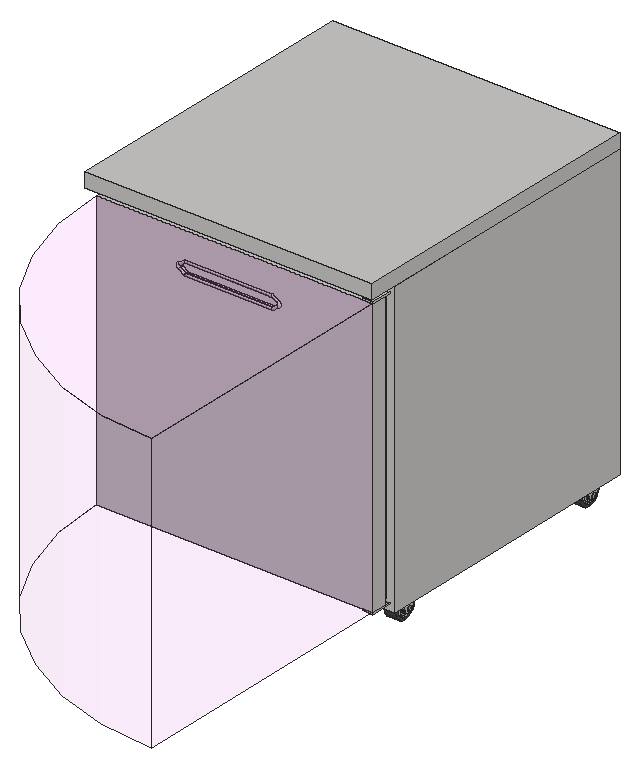
Revit family "QF_Kelvinator_738329_KCHUC27R-32", category Specialty Equipment, Revit 2021
Family settings
  Round Connector Dimension = Use Diameter
  Part Type = Normal
  Work Plane-Based = No
  Always vertical = Yes
  Cut with Voids When Loaded = No
  Shared = No
  Room Calculation Point = No
Parameters
  Weight in Pounds = 121.254
  Weight = 55.00 lbm
  Watts = 0 W
  Volts = 115 V
  URL Manufacturer = "KELVINATOR"
  URL Cutsheet = ""
  URL = "KELVINATOR"
  Specification by User = ""
  Specification by Manufacturer = ""
  Show Right Door [instance] = not(Show Left Door)  # yes
  Show Left Door [instance] = no
  Show Clearance [instance] = yes
  Serial Number = ""
  Seismic Rating = ""
  SMACNA No = ""
  Revision Code = ""
  Refrigerant Type = "R600a"
  Phase = 1
  Number of Poles = 1
  NAFEM Spec ID Number = ""
  Model = "KCHUC27R-32"
  Min Ckt Ampacity = 0 A
  Max Overcurrent Protection = 0 A
  Masterspec = ""
  Manufacturer = "Kelvinator"
  Length Actual = 705"
  Length = 27 3/4"
  Item Number = "738329"
  Installed By = ""
  Identify Quantity as Lot = yes
  Height Actual = 815"
  Height = 32 1/16"
  HP = "0.2 HP"
  Gas KW = 0
  Furnished By = ""
  Foodservice Equipment Identifier = yes
  FL Amps = 1.5 A
  Electrical Remarks = ""
  Electric Connection Type = ""
  Elec Conn RI Height = 0"
  Elec Conn Connection Height = 0"
  Description = "1-DOOR UNDER COUNTER REFRIGERATOR 27\" LONG 32\" TALL"
  Depth Actual = 760"
  Depth = 29 15/16"
  Default Elevation = 0"
  Cycle = 60 Hz
  Conn Plug = "5-15P"
  Conn Conduit = yes
  CSI MasterFormat = ""
  Apparent Power = 0 VA
  Accessory = no
Reference planes (in)
  plane 1 "BACK": y = 0
  plane 2: z = 0
  plane 3 "LEFT": x = 0
  plane 4 "RIGHT": x = 27.756
  plane 5 "FRONT": y = -29.9375
  plane 6 "TOP": z = 32.0625
  plane 7 "Center Y": x = 13.878
  plane 8 "Center X": y = -14.96875
  plane 9: x = 27.75
  plane 10: y = -29.9375
  plane 11: z = 32.0625
Dimensions and locks (in)
  equal spacing: plane 3 "LEFT", plane 7 "Center Y", plane 4 "RIGHT"
  plane 3 "LEFT" to plane 4 "RIGHT" = 27.756"
  equal spacing: plane 5 "FRONT", plane 8 "Center X", plane 1 "BACK"
  "Depth": plane 5 "FRONT" to plane 1 "BACK"
  "Height": plane 6 "TOP" to level
  plane 3 "LEFT" to plane 9 = 27 3/4"
  plane 1 "BACK" to plane 10 = 29 15/16"
  plane 11 to level = 32 1/16"
  aligned and locked: level to plane 2
Nested families (in)
  nested 1: "KCHST.0001" at (-0.006, -0.0165, -0.0245), Show Clearance <- "Show Clearance", Show Left Door <- "Show Left Door", Show Right Door <- "Show Right Door", type "KCHST.0001"
    with Show Right Door yes, Show Left Door no, Show Clearance yes
Definition of nested family "KCHST.0001"
  Parameters (values of type "KCHST.0001")
    Weight in Pounds = 0
    URL Cutsheet = ""
    Specification by User = ""
    Specification by Manufacturer = ""
    Show Right Door [instance] = yes
    Show Left Door [instance] = yes
    Show Clearance [instance] = yes
    Serial Number = ""
    Seismic Rating = ""
    SMACNA No = ""
    Revision Code = ""
    NAFEM Spec ID Number = ""
    Masterspec = ""
    Length = 27.756"
    Item Number = ""
    Installed By = ""
    Identify Quantity as Lot = yes
    Height = 32.087"
    Furnished By = ""
    Foodservice Equipment Identifier = yes
    Depth = 29.921"
    Default Elevation = 0"
    CSI MasterFormat = ""
  Reference planes (in)
    plane 1 "BACK": y = 0
    plane 2: z = 0
    plane 3 "LEFT": x = 0
    plane 4 "RIGHT": x = 27.756
    plane 5 "FRONT": y = -29.921
    plane 6 "TOP": z = 32.087
    plane 7 "Center Y": x = 13.878
    plane 8 "Center X": y = -14.9605
    plane 9: z = 2.4
    plane 10: y = -56
    plane 11: x = 25.756
    plane 12: x = 2
    plane 13: x = 27.256
    plane 14: x = 0.5
    plane 15: z = 30.7
    plane 16: z = 3.1
    plane 17: y = -27.2
    plane 18: y = -2.3
  Forms (in)
    Extrusion 1, solid
      sketch origin (0, 0, 0) x (0, 1, 0) y (0, 0, 1)
        loop
          line (-27.2, 30.7) -> (-27.2, 2.4) -> (0, 2.4) -> (0, 30.7) -> (-27.2, 30.7)
      from 0 to 27.756
    Extrusion 2, solid
      sketch origin (0, 0, -1.8375) x (0, 1, 0) y (0, 0, 1)
        loop
          line (-29.921, 32.5375) -> (0, 32.5375) -> (0, 33.9245) -> (-29.921, 33.9245) -> (-29.921, 32.5375)
      from 0 to 27.756
    Extrusion 3, solid
      sketch origin (13.878, 6.90541, 45.5) x (0, 1, 0) y (0, 0, 1)
        loop
          line (-36.08891, -15.6) -> (-36.08891, -42.4) -> (-34.65211, -42.4) -> (-34.65211, -15.6) -> (-36.08891, -15.6)
      from 13.378 to -13.378
    Extrusion 4, solid
      sketch origin (0, 0.3, -2.5) x (0, 1, 0) y (0, 0, 1)
        loop
          line (-28.04671, 32.20449) -> (-28.04671, 5.82022) -> (-27.79671, 5.82022) -> (-27.79671, 32.20449) -> (-28.04671, 32.20449)
      from 0.74536 to 26.90213
    Extrusion 5, solid
      sketch origin (0, 0.55, -2.5) x (0, 1, 0) y (0, 0, 1)
        loop
          line (-28.04671, 32.20449) -> (-28.04671, 5.82022) -> (-27.864, 5.82022) -> (-27.864, 32.20449) -> (-28.04671, 32.20449)
      from 0.74536 to 26.90213
    Extrusion 6, solid
      sketch origin (0, 0.7327, -2.5) x (0, 1, 0) y (0, 0, 1)
        loop
          line (-28.04671, 32.20449) -> (-28.04671, 5.82022) -> (-27.9327, 5.82022) -> (-27.9327, 32.20449) -> (-28.04671, 32.20449)
      from 0.74536 to 26.90213
    Extrusion 7, void
      sketch origin (-15.80943, -29.19996, 29.0181) x (0, 0, 1) y (1, 0, 0)
        loop
          line (-1.94791, 24.94368) -> (-1.94791, 33.29368) -> (-2.28604, 33.83468)
          arc (-2.28604, 33.83468) -> (-2.38541, 33.88976) -> (-2.48479, 33.83468) r 0.11719
          line (-2.48479, 33.83468) -> (-2.82291, 33.29368) -> (-2.82291, 24.94368) -> (-2.48621, 24.40496)
          arc (-2.48621, 24.40496) -> (-2.38541, 24.34909) -> (-2.28462, 24.40496) r 0.11887
          line (-2.28462, 24.40496) -> (-1.94791, 24.94368)
      from 0 to 0.31887
    Sweep 8, solid
      path origin (-15.80943, -26.39996, 29.0181) x (0, 0, -1) y (1, 0, 0)
        loop
          line (2.82291, 33.29368) -> (2.48479, 33.83468)
          arc (2.48479, 33.83468) -> (2.38541, 33.88976) -> (2.28604, 33.83468) r 0.11719
          line (2.28604, 33.83468) -> (1.94791, 33.29368) -> (1.94791, 24.94368) -> (2.28462, 24.40496)
          arc (2.28462, 24.40496) -> (2.38541, 24.34909) -> (2.48621, 24.40496) r 0.11887
          line (2.48621, 24.40496) -> (2.82291, 24.94368) -> (2.82291, 33.29368)
      profile origin (13.30925, -26.39996, 26.19519) x (0, 0, -1) y (0, -1, 0)
        loop
          line (0, 2.8) -> (0.25, 2.8)
          arc (0.25, 2.8) -> (0.125, 2.85269) -> (0, 2.8) r 0.17461
    Extrusion 9, solid
      sketch origin (0.56875, 0, 2.4) x (-1, 0, 0) y (0, 1, 0)
        loop
          circle (-13.28725, -0.87772) r 0.25
      from 0 to 0.78119
    Extrusion 10, solid, visible <- "Show Right Door"
      sketch origin (13.878, -29.1835, 29.9) x (0, 1, 0) y (-1, 0, 0)
        loop
          line (0, -13.378) -> (0, 13.378)
          arc (0, 13.378) -> (-18.91935, 5.54135) -> (-26.756, -13.378) r 26.756
          line (-26.756, -13.378) -> (0, -13.378)
      from 0 to -26.8
    Extrusion 11, solid, visible <- "Show Right Door"
      sketch origin (13.878, -27.74671, 3.1) x (-1, 0, 0) y (0, 1, 0)
        loop
          line (-12.378, -1.43679) -> (-11.628, 0.54671) -> (-13.378, 0.54671) -> (-13.378, -1.43679) -> (-12.378, -1.43679)
      from 0 to 0.13
    Extrusion 12, solid, visible <- "Show Right Door"
      sketch origin (13.878, -29.1835, 29.9) x (0, 1, 0) y (-1, 0, 0)
        loop
          line (0, -12.378) -> (0, -13.378) -> (1.9835, -13.378) -> (1.9835, -11.628) -> (0, -12.378)
      from 0 to 0.13
    Extrusion 13, solid, visible <- "Show Left Door"
      sketch origin (13.878, -29.1835, 29.9) x (0, 1, 0) y (-1, 0, 0)
        loop
          line (0, 13.378) -> (-26.756, 13.378)
          arc (-26.756, 13.378) -> (-18.91935, -5.54135) -> (0, -13.378) r 26.756
          line (0, -13.378) -> (0, 13.378)
      from 0 to -26.8
    Extrusion 14, solid, visible <- "Show Left Door"
      sketch origin (13.878, -27.74671, 3.1) x (-1, 0, 0) y (0, 1, 0)
        loop
          line (12.378, -1.43679) -> (13.378, -1.43679) -> (13.378, 0.54671) -> (11.628, 0.54671) -> (12.378, -1.43679)
      from 0 to 0.13
    Extrusion 15, solid, visible <- "Show Left Door"
      sketch origin (13.878, -29.1835, 29.9) x (0, 1, 0) y (-1, 0, 0)
        loop
          line (0, 12.378) -> (1.9835, 11.628) -> (1.9835, 13.378) -> (0, 13.378) -> (0, 12.378)
      from 0 to 0.13
  Cuts and joins
    Extrusion 7 cuts Extrusion 3
  Lines and regions (in)
    symbolic lines
      curve 1: line (27.756, -29.921, 0) -> (27.756, 0, 0)
      curve 2: line (27.756, 0, 0) -> (0, 0, 0)
      curve 3: line (0, 0, 0) -> (0, -29.921, 0)
      curve 4: line (0, -29.921, 0) -> (27.756, -29.921, 0)
    symbolic lines, visible <- "Show Clearance"
      curve 5: arc (0.49512, -29.921, 0) -> (1.58895, -36.79212, 0) -> (4.41646, -43.14932, 0) r 26.77104
      curve 6: line (4.41646, -43.14932, 0) -> (27.256, -29.921, 0)
    symbolic lines, visible <- "Show Left Door"
      curve 7: arc (27.26088, -29.921, 0) -> (26.16705, -36.79212, 0) -> (23.33954, -43.14932, 0) r 26.77104
      curve 8: line (23.33954, -43.14932, 0) -> (0.5, -29.921, 0)
  Dimensions and locks (in)
    equal spacing: plane 3 "LEFT", plane 7 "Center Y", plane 4 "RIGHT"
    "Length": plane 3 "LEFT" to plane 4 "RIGHT"
    equal spacing: plane 5 "FRONT", plane 8 "Center X", plane 1 "BACK"
    "Depth": plane 5 "FRONT" to plane 1 "BACK"
    "Height": plane 6 "TOP" to level
    plane 10 to plane 1 "BACK" = 56"
    locked: plane 4 "RIGHT" to plane 11 at 2
    locked: plane 3 "LEFT" to plane 12 at 2
    locked: plane 14 to plane 3 "LEFT" at 0.5
    locked: plane 13 to plane 4 "RIGHT" at 0.5
    plane 3 "LEFT" to plane 4 "RIGHT" = 27.756"
    plane 15 to plane 9 = 28.3"
    level to plane 9 = 2.4"
    cut or joined group of Extrusion 3, Extrusion 7 to plane 16 = 26.8"
    plane 5 "FRONT" to plane 1 "BACK" = 29.921"
    plane 17 to plane 18 = 24.9"
    plane 18 to plane 1 "BACK" = 2.3"
    aligned and locked: level to plane 2
    aligned and locked: nested 2 to plane 12
    aligned and locked: Extrusion 1 to plane 4 "RIGHT"
    aligned and locked: plane 4 "RIGHT" to Extrusion 1
    aligned and locked: Extrusion 2 to plane 4 "RIGHT"
    aligned and locked: plane 13 to cut or joined group of Extrusion 3, Extrusion 7
    aligned and locked: cut or joined group of Extrusion 3, Extrusion 7 to plane 14
    aligned and locked: plane 11 to nested 3
    aligned and locked: Extrusion 4 to Extrusion 6
    aligned and locked: Extrusion 4 to Extrusion 5
    aligned and locked: Extrusion 5 to Extrusion 6
    aligned and locked: Extrusion 3 to nested 1
  Automatic sketch dimensions
    plane 9 to Extrusion 1 sketch curve = 0"
    Extrusion 1 sketch curve to plane 17 = 0"
    Extrusion 1 sketch curve to plane 1 "BACK" = 0"
    Extrusion 1 sketch curve to plane 15 = 0"
    Extrusion 2 sketch curve to plane 5 "FRONT" = 0"
    Extrusion 2 sketch curve to plane 1 "BACK" = 0"
    Extrusion 2 sketch curve to plane 15 = 0"
    Extrusion 2 sketch curve to plane 6 "TOP" = 0"
    plane 1 "BACK" to curve 3 = 0"
    curve 3 to plane 3 "LEFT" = 0"
    curve 7 to plane 14 = 0"
    plane 5 "FRONT" to curve 8 = 0"
    curve 8 to plane 14 = 0"
    curve 6 to plane 13 = 0"
    curve 5 to plane 13 = 0"
    curve 2 to plane 4 "RIGHT" = 0"
    curve 6 to plane 12 = 2.41646"
    curve 8 to plane 11 = 2.41646"
    curve 6 to plane 10 = 12.85068"
    curve 8 to plane 10 = 12.85068"
    curve 8 to curve 7 = 0.7375"
    curve 6 to curve 5 = 0.7375"
    Extrusion 3 sketch curve to plane 16 = 0"
    Extrusion 3 sketch curve to plane 5 "FRONT" = 0.7375"
    plane 17 to Extrusion 3 sketch curve = 0.54671"
    Extrusion 3 sketch curve to plane 15 = 0.8"
    plane 16 to Extrusion 4 sketch curve = 0.22022"
    plane 17 to Extrusion 4 sketch curve = 0.54671"
    Extrusion 4 sketch curve to Extrusion 4 sketch curve = 1/4"
    Extrusion 4 sketch curve to plane 15 = 0.99551"
    plane 17 to Extrusion 5 sketch curve = 0.29671"
    plane 17 to Extrusion 5 sketch curve = 0.114"
    plane 16 to Extrusion 5 sketch curve = 0.22022"
    Extrusion 5 sketch curve to plane 15 = 0.99551"
    Extrusion 6 sketch curve to plane 17 = 0"
    plane 17 to Extrusion 6 sketch curve = 0.114"
    plane 16 to Extrusion 6 sketch curve = 0.22022"
    Extrusion 6 sketch curve to plane 15 = 0.99551"
    Extrusion 7 sketch curve to plane 15 = 4.50481"
    Extrusion 7 sketch curve to Extrusion 7 sketch curve = 0.3367"
    Extrusion 7 sketch curve to Extrusion 7 sketch curve = 0.33813"  (x2)
    Extrusion 7 sketch curve to Extrusion 7 sketch curve = 0.09937"  (x2)
    Extrusion 7 sketch curve to Extrusion 7 sketch curve = 0.1008"  (x2)
    Extrusion 7 sketch curve to plane 7 "Center Y" = 5.28247"
    Extrusion 7 sketch curve to Extrusion 7 sketch curve = 0.063"
    Extrusion 7 sketch curve to Extrusion 7 sketch curve = 0.53872"  (x2)
    plane 7 "Center Y" to Extrusion 7 sketch curve = 3.60625"
    Extrusion 7 sketch curve to Extrusion 7 sketch curve = 0"
    Extrusion 7 sketch curve to Extrusion 7 sketch curve = 0.47889"
    Extrusion 7 sketch curve to Extrusion 7 sketch curve = 0.06211"
    Sweep 8 sketch curve to plane 15 = 3.62981"
    Sweep 8 sketch curve to Sweep 8 sketch curve = 0.3367"
    Sweep 8 sketch curve to Sweep 8 sketch curve = 0.33813"  (x2)
    Sweep 8 sketch curve to Sweep 8 sketch curve = 0.09937"  (x2)
    Sweep 8 sketch curve to Sweep 8 sketch curve = 0.1008"  (x2)
    Sweep 8 sketch curve to plane 7 "Center Y" = 5.28247"
    Sweep 8 sketch curve to Sweep 8 sketch curve = 0.063"
    Sweep 8 sketch curve to Sweep 8 sketch curve = 0.53872"  (x2)
    plane 7 "Center Y" to Sweep 8 sketch curve = 3.60625"
    Sweep 8 sketch curve to Sweep 8 sketch curve = 0"
    Sweep 8 sketch curve to Sweep 8 sketch curve = 0.47889"
    Sweep 8 sketch curve to Sweep 8 sketch curve = 0.06211"
    Sweep 8 sketch curve to profile plane = 0"
    Sweep 8 sketch curve to profile plane = 1/8"
    profile plane to Sweep 8 sketch curve = 2.67809"
    Sweep 8 sketch curve to Sweep 8 sketch curve = 0.12191"
    Extrusion 1 to Extrusion 9 sketch curve = 0.87772"
    Extrusion 9 sketch curve to Extrusion 1 = 13.9"
    Extrusion 10 sketch curve to Extrusion 3 = 0"  (x2)
    Extrusion 3 to Extrusion 10 sketch curve = 0"
    Extrusion 11 sketch curve to Extrusion 3 = 0"
    Extrusion 3 to Extrusion 11 sketch curve = 0"
    Extrusion 11 sketch curve to Extrusion 11 sketch curve = 1"
    Extrusion 11 sketch curve to Extrusion 3 = 0.54671"
    Extrusion 11 sketch curve to Extrusion 3 = 1 3/4"
    Extrusion 12 sketch curve to Extrusion 3 = 0"
    Extrusion 3 to Extrusion 12 sketch curve = 0"
    Extrusion 3 to Extrusion 12 sketch curve = 0.54671"
    Extrusion 12 sketch curve to Extrusion 12 sketch curve = 1"
    Extrusion 3 to Extrusion 12 sketch curve = 1 3/4"
    Extrusion 13 sketch curve to Extrusion 3 = 0"  (x3)
    Extrusion 3 to Extrusion 14 sketch curve = 0"
    Extrusion 14 sketch curve to Extrusion 3 = 0"
    Extrusion 14 sketch curve to Extrusion 3 = 1"
    Extrusion 14 sketch curve to Extrusion 3 = 0.54671"
    Extrusion 14 sketch curve to Extrusion 3 = 1 3/4"
    Extrusion 15 sketch curve to Extrusion 3 = 0"  (x2)
    Extrusion 3 to Extrusion 15 sketch curve = 0.54671"
    Extrusion 3 to Extrusion 15 sketch curve = 1"
    Extrusion 3 to Extrusion 15 sketch curve = 1 3/4"
    radius of Extrusion 9 sketch curve = 1/4"
  Nested families (in)
    nested 1: "3 INCHES 01_CASTER" at (25.8, -24.75, 0), type "3 INCHES 01_CASTER"
      with Type Mark "", Specification by User "", Revision Code "", Item Number "", Installed By "", Identify Quantity as Lot yes, Furnished By "", Foodservice Equipment Identifier yes, 3 Inches Caster yes
    nested 2: "3 INCHES 01_CASTER" at (2, -24.75, 0), type "3 INCHES 01_CASTER"
      with Type Mark "", Specification by User "", Revision Code "", Item Number "", Installed By "", Identify Quantity as Lot yes, Furnished By "", Foodservice Equipment Identifier yes, 3 Inches Caster yes
    nested 3: "3 INCHES 01_CASTER" at (25.756, -2.375, 0), type "3 INCHES 01_CASTER"
      with Type Mark "", Specification by User "", Revision Code "", Item Number "", Installed By "", Identify Quantity as Lot yes, Furnished By "", Foodservice Equipment Identifier yes, 3 Inches Caster yes
    nested 4: "3 INCHES 01_CASTER" at (2, -2.375, 0), type "3 INCHES 01_CASTER"
      with Type Mark "", Specification by User "", Revision Code "", Item Number "", Installed By "", Identify Quantity as Lot yes, Furnished By "", Foodservice Equipment Identifier yes, 3 Inches Caster yes
  Definition of nested family "3 INCHES 01_CASTER"
    Parameters (values of type "3 INCHES 01_CASTER")
      Weight = ""
      URL Manufacturer = ""
      URL Cutsheet = ""
      URL = ""
      Type Mark [instance] = ""
      Specification by User [instance] = ""
      Specification by Manufacturer = ""
      Serial Number = ""
      Seismic Rating = ""
      SMACNA No = ""
      Revision Code [instance] = ""
      Omniclass Number and Title = ""
      NAFEM Spec ID Number = ""
      Model = ""
      MasterSpec. = ""
      Manufacturer = ""
      Item Number [instance] = ""
      Installed By [instance] = ""
      Identify Quantity as Lot [instance] = yes
      Furnished By [instance] = ""
      Foodservice Equipment Identifier [instance] = yes
      Description = ""
      Default Elevation = 0"
      CSI MasterFormat = ""
      CSI Master Format = ""
      Assembly Code = ""
      3 Inches Caster [instance] = yes
    Reference planes (in)
      plane 1: z = 0
      plane 2 "RIGHT": x = 0
      plane 3 "FRONT": y = 0
      plane 4 "TOP": z = 3.1
    Forms (in)
      Revolve 1, solid, visible <- "3 Inches Caster"
        sketch origin (-1.93794, 0.56004, -1.0041) x (1, 0, 0) y (0, 0, 1)
          loop
            line (0.74055, 2.11347) -> (0.74055, 2.03797) -> (0.79055, 1.98797) -> (0.85055, 1.98797) -> (0.85055, 1.8679) -> (1.235, 1.8679) -> (1.235, 1.7068) -> (1.36441, 1.63209) -> (1.4003, 1.41035) -> (1.34375, 1.41035) -> (1.34375, 1.28535) -> (1.375, 1.28535) -> (1.375, 1.0041) -> (2.48438, 1.0041) -> (2.48438, 1.28535) -> (2.51563, 1.28535) -> (2.51563, 1.41035) -> (2.45908, 1.41035) -> (2.49553, 1.6356) -> (2.62438, 1.70999) -> (2.62438, 1.8679) -> (3.04007, 1.8679) -> (3.04007, 1.98797) -> (3.10007, 1.98797) -> (3.15007, 2.03797) -> (3.15007, 2.11347) -> (0.74055, 2.11347)
          axis (0.74055, 2.11347) -> (3.15007, 2.11347)
        angle from 0 to 360
      Extrusion 2, solid, visible <- "3 Inches Caster"
        sketch origin (-1.93794, 1.35294, -3.2541) x (0, 1, 0) y (0, 0, 1)
          loop
            line (-0.41094, 5.86793) -> (-0.41094, 6.01276) -> (-2.29494, 6.01276) -> (-2.29494, 5.71244) -> (-1.82301, 5.71244)
            arc (-1.82301, 5.71244) -> (-1.00307, 5.59865) -> (-0.19592, 5.41488) r 9.6332
            arc (-0.19592, 5.41488) -> (0.12646, 5.29481) -> (0.42224, 5.11916) r 1.92059
            line (0.42224, 5.11916) -> (0.51314, 5.245)
            arc (0.51314, 5.245) -> (0.27353, 5.42569) -> (0.01201, 5.5729) r 2.25036
            line (0.01201, 5.5729) -> (0.09371, 5.71426)
            arc (0.09371, 5.71426) -> (-0.15272, 5.81043) -> (-0.41094, 5.86793) r 1.73151
        from 1.17357 to 2.70231
      Revolve 3, solid, visible <- "3 Inches Caster"
        sketch origin (0, 1.73858, -3.25) x (0, 1, 0) y (0, 0, 1)
          loop
            line (-1.73858, 6.35) -> (-1.73858, 6.00866) -> (-0.93293, 6.00866) -> (-0.93293, 6.35) -> (-1.73858, 6.35)
          axis (-1.73858, 6.00866) -> (-1.73858, 6.35)
        angle from 0 to 360
      Extrusion 4, solid, visible <- "3 Inches Caster"
        sketch origin (-1.98481, 1.35294, -1.7541) x (0, 1, 0) y (0, 0, 1)
          loop
            line (-2.29494, 4.51276) -> (-2.29494, 4.21244) -> (-2.2074, 4.21244)
            arc (-2.2074, 4.21244) -> (-1.58796, 3.87196) -> (-1.3103, 3.22193) r 1.0835
            arc (-1.3103, 3.22193) -> (-1.27304, 2.98711) -> (-1.19616, 2.76214) r 1.38462
            arc (-1.19616, 2.76214) -> (-0.77704, 2.49744) -> (-0.37393, 2.78593) r 0.44401
            arc (-0.37393, 2.78593) -> (-0.35491, 2.84407) -> (-0.34077, 2.90358) r 0.74034
            arc (-0.34077, 2.90358) -> (-0.07302, 3.38916) -> (0.4279, 3.62699) r 0.90376
            line (0.4279, 3.62699) -> (0.51314, 3.745)
            arc (0.51314, 3.745) -> (0.27353, 3.92569) -> (0.01201, 4.0729) r 2.25036
            line (0.01201, 4.0729) -> (0.09371, 4.21426)
            arc (0.09371, 4.21426) -> (-0.15272, 4.31043) -> (-0.41094, 4.36793) r 1.73151
            line (-0.41094, 4.36793) -> (-0.41094, 4.51276) -> (-2.29494, 4.51276)
        from 2.74918 to 2.90825
      Extrusion 5, solid, visible <- "3 Inches Caster"
        sketch origin (1.98481, 1.35294, -1.7541) x (0, 1, 0) y (0, 0, -1)
          loop
            line (-2.29494, -4.51276) -> (-0.41094, -4.51276) -> (-0.41094, -4.36793)
            arc (-0.41094, -4.36793) -> (-0.15272, -4.31043) -> (0.09371, -4.21426) r 1.73151
            line (0.09371, -4.21426) -> (0.01201, -4.0729)
            arc (0.01201, -4.0729) -> (0.27353, -3.92569) -> (0.51314, -3.745) r 2.25036
            line (0.51314, -3.745) -> (0.4279, -3.62699)
            arc (0.4279, -3.62699) -> (-0.07302, -3.38916) -> (-0.34077, -2.90358) r 0.90376
            arc (-0.34077, -2.90358) -> (-0.35491, -2.84407) -> (-0.37393, -2.78593) r 0.74034
            arc (-0.37393, -2.78593) -> (-0.77704, -2.49744) -> (-1.19616, -2.76214) r 0.44401
            arc (-1.19616, -2.76214) -> (-1.27304, -2.98711) -> (-1.3103, -3.22193) r 1.38462
            arc (-1.3103, -3.22193) -> (-1.58796, -3.87196) -> (-2.2074, -4.21244) r 1.0835
            line (-2.2074, -4.21244) -> (-2.29494, -4.21244) -> (-2.29494, -4.51276)
        from 2.74918 to 2.90825
    Cuts and joins
      joined: Extrusion 2, Extrusion 4, Extrusion 5
    Lines and regions (in)
      symbolic lines, visible <- "3 Inches Caster"
        curve 1: line (0.1877, 1.65194, 0) -> (0.89063, 1.2461, 0)
        curve 2: line (-1.00175, -0.40823, 0) -> (0.1877, 1.65194, 0)
        curve 3: line (-0.29881, -0.81407, 0) -> (-1.00175, -0.40823, 0)
        curve 4: line (0.89063, 1.2461, 0) -> (-0.29881, -0.81407, 0)
    Dimensions and locks (in)
      plane 4 "TOP" to level = 3.1"  (x2)
      aligned and locked: level to plane 1
